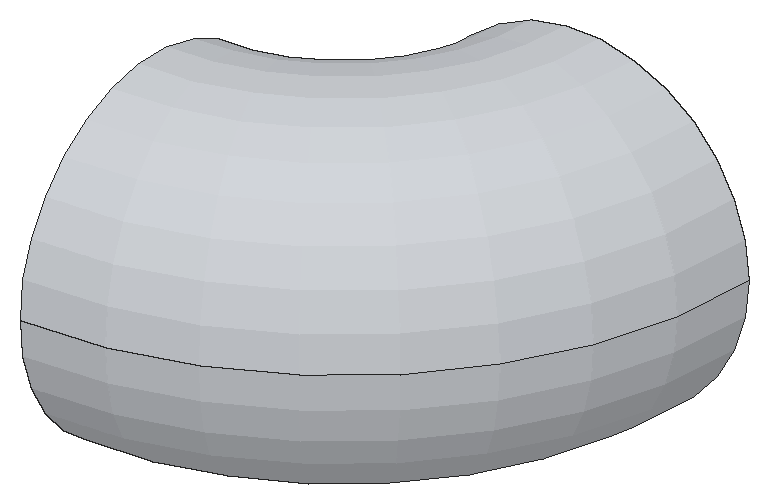
Revit family "M_Cotovelo - Genérico", category Conexões de tubo, Revit 2019
Family settings
  Cota do conector redondo = Usar raio
  Tipo de parte = Cotovelo
  Número OmniClass = 23.60.30.11.14
  Título OmniClass = Pipework Fittings
  ID de item do Seek = Elbow - Generic-0000-CAN-ENU
  Com base no plano de trabalho = Não
  Sempre na vertical = Sim
  Corte com vazios quando carregada = Não
  Compartilhado = Não
Parameters (values of type "Padrão")
  Tamanho da marca de revisão [instance] = Diâmetro externo da conexão * 0.4 * tan(Ângulo / 2)  # 11.43 mm
  Raio nominal [instance] = 12.5 mm
  Diâmetro nominal [instance] = Raio nominal * 2  # 25 mm
  Método de perda = Coeficiente K da tabela
  Nome da tabela de pesquisa = "M_Pipe Fitting - Generic"
  Tabela de coeficiente K = "Cotovelo regular 45, 90 e 180"
  Raio externo da conexão [instance] = Diâmetro externo da conexão / 2  # 14.288 mm
  Diâmetro externo da conexão [instance] = size_lookup(Nome da tabela de pesquisa, "FOD", Diâmetro nominal + 3.175 mm, Diâmetro nominal)  # 28.575 mm
  Centro ao final [instance] = Raio do centro * tan(Ângulo / 2)  # 20.637 mm
  Raio do centro [instance] = Raio externo da conexão + 6.35 mm  # 20.638 mm
  Ângulo [instance] = 90.00°
Reference planes
  plane 1 "Centro (Frente/Trás)": y = 0
  plane 2: z = 0
  plane 3 "Centro (Esquerda/Direita)": x = 0
  plane 4: x = -20.637
  plane 5: y = 20.637
  plane 6: y = 11.43
  plane 7: y = -11.43
Forms (mm)
  Sweep 1, solid, detail levels fine
    path in 3D
      loop
        arc (-20.637, 0, 0) -> (-6.045, 6.045, 0) -> (0, 20.637, 0) r 20.638
    profile origin (-6.045, 6.045, 0) x (-0.707107, 0.707107, 0) y (0, 0, 1)
      loop
        circle (0, 0) r 14.288
Lines and regions (mm)
  reference lines
    curve 1: line (0, 0, 0) -> (0, 22.126, 0)
    curve 2: line (-20.637, 20.637, 0) -> (14.363, 20.637, 0)
    curve 3: line (-11.43, 8.68, 0) -> (-11.43, 23.68, 0)
    curve 4: line (11.43, 17.403, 0) -> (11.43, 29.245, 0)
    curve 5: arc (-20.637, 0, 0) -> (-6.045, 6.045, 0) -> (0, 20.637, 0) r 20.638
  model lines, detail levels coarse+medium
    curve 6: arc (-20.637, 0, 0) -> (-6.045, 6.045, 0) -> (0, 20.637, 0) r 20.638
    curve 7: line (-20.637, 11.43, 0) -> (-20.637, -11.43, 0)
    curve 8: line (-11.43, 20.637, 0) -> (11.43, 20.637, 0)
  sketch lines
    curve 9: arc (-20.637, 0, 0) -> (-6.045, 6.045, 0) -> (0, 20.637, 0) r 20.638
Dimensions and locks
  "Centro ao final": plane 4 to plane 3 "Centro (Esquerda/Direita)"
  "Raio do centro": plane 5 to plane 1 "Centro (Frente/Trás)"
  "Tamanho da marca de revisão": plane 6 to plane 1 "Centro (Frente/Trás)"
  "Tamanho da marca de revisão": plane 7 to plane 1 "Centro (Frente/Trás)"
  equal spacing: curve 4, curve 1, curve 3
  "Tamanho da marca de revisão": curve 1 to curve 3
  "Raio do centro": radius of curve 5
  "Raio do centro": radius of curve 6
  "Raio externo da conexão": radius of Sweep 1 sketch curve
  "Ângulo": angle plane 1 "Centro (Frente/Trás)" to curve 1
  "Ângulo": angle plane 4 to curve 2
  "Ângulo": angle plane 1 "Centro (Frente/Trás)" to curve 3
  "Ângulo": angle plane 1 "Centro (Frente/Trás)" to curve 4
  "Ângulo": angle curve 5 to curve 5
  "Ângulo": angle curve 6 to curve 6
  aligned and locked: plane 3 "Centro (Esquerda/Direita)" to curve 1
  aligned and locked: plane 1 "Centro (Frente/Trás)" to curve 1
  aligned and locked: plane 4 to curve 2
  aligned and locked: plane 5 to curve 2
  aligned and locked: plane 4 to curve 5  (x2)
  aligned and locked: plane 5 to curve 5
  aligned and locked: plane 4 to curve 6  (x2)
  aligned and locked: plane 5 to curve 6
  aligned and locked: plane 6 to curve 7
  aligned and locked: plane 7 to curve 7
  aligned and locked: curve 7 to plane 4
  aligned and locked: curve 3 to curve 8
  aligned and locked: curve 4 to curve 8
  aligned and locked: curve 2 to curve 8
Automatic sketch dimensions
  curve 4 to curve 2 = 3.235 mm
  curve 1 to curve 3 = 8.68 mm
  Sweep 1 sketch curve to profile plane = 0 mm
  profile plane to Sweep 1 sketch curve = 0 mm
Connectors
  piping at (-20.637, 0, 0), diameter 25, driven by "Raio nominal", driven by "Ângulo"
    settings: on Sweep 1, index 1, connector inside diameter 25 mm, connector length 0 mm, flow factor 0, pipe flow 0.0 L/s, pressure drop 0.0 Pa, fitting loss kfactor 0, connector angle 90.00°, fixture units 0, engagement length 0 mm, angle of deflection 0.00°, flow configuration 0, flow direction 0, fitting loss method 0, system type 28, joint type 0, gender type 0, connector reference index 2, connector utility 0, adjustable connector no, is connector primary yes, connector description ""
  piping at (0, 20.637, 0), diameter 25, driven by "Raio nominal", driven by "Ângulo"
    settings: on Sweep 1, index 2, connector inside diameter 25 mm, connector length 0 mm, flow factor 0, pipe flow 0.0 L/s, pressure drop 0.0 Pa, fitting loss kfactor 0, connector angle 90.00°, fixture units 0, engagement length 0 mm, angle of deflection 0.00°, flow configuration 0, flow direction 0, fitting loss method 0, system type 28, joint type 0, gender type 0, connector reference index 1, connector utility 0, adjustable connector no, is connector primary no, connector description ""
